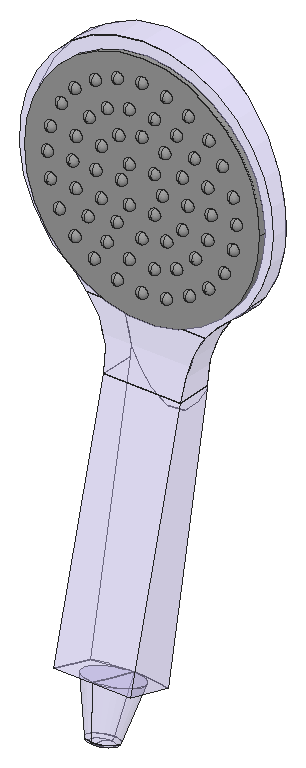
Revit family "AV4090001_Aluvia Teleducha", category Plumbing Fixtures, Revit 2020 (continued)
Definition of nested family "Frontal"
  Lines and regions (mm)
    detail lines, in view "Ref. Level"
      curve 37: circle (5.219, 42.952, 0) r 2.101 normal (0, 0, 1)
      curve 38: circle (0.032, 32.409, 0) r 2.101 normal (0, 0, 1)
      curve 39: circle (9.934, 33.8, 0) r 2.101 normal (0, 0, 1)
      curve 40: circle (18.557, 37.639, 0) r 2.101 normal (0, 0, 1)
      curve 41: circle (26.328, 43.932, 0) r 2.101 normal (0, 0, 1)
      curve 42: circle (0, 87.75, 0) r 2.101 normal (0, 0, 1)
      curve 43: circle (-9.359, 105.073, 0) r 2.101 normal (0, 0, -1)
      curve 44: circle (-18.756, 101.653, 0) r 2.101 normal (0, 0, -1)
      curve 45: circle (-26.417, 95.225, 0) r 2.101 normal (0, 0, -1)
      curve 46: circle (-32.266, 88.254, 0) r 2.101 normal (0, 0, -1)
      curve 47: circle (-4.927, 96.093, 0) r 2.101 normal (0, 0, -1)
      curve 48: circle (-14.324, 92.673, 0) r 2.101 normal (0, 0, -1)
      curve 49: circle (-21.435, 87.694, 0) r 2.101 normal (0, 0, -1)
      curve 50: circle (-9.733, 84.558, 0) r 2.101 normal (0, 0, -1)
      curve 51: circle (-15.687, 78.604, 0) r 2.101 normal (0, 0, -1)
      curve 52: circle (-4.421, 76.618, 0) r 2.101 normal (0, 0, -1)
      curve 53: circle (-26.399, 78.928, 0) r 2.101 normal (0, 0, -1)
      curve 54: circle (-36.399, 78.928, 0) r 2.101 normal (0, 0, -1)
      curve 55: circle (-36.712, 69.553, 0) r 2.101 normal (0, 0, -1)
      curve 56: circle (-27.703, 69.553, 0) r 2.101 normal (0, 0, -1)
      curve 57: circle (-17.703, 69.553, 0) r 2.101 normal (0, 0, -1)
      curve 58: circle (-7.703, 69.553, 0) r 2.101 normal (0, 0, -1)
      curve 59: circle (-4.122, 62.523, 0) r 2.101 normal (0, 0, -1)
      curve 60: circle (-15.677, 60.277, 0) r 2.101 normal (0, 0, -1)
      curve 61: circle (-25.677, 60.277, 0) r 2.101 normal (0, 0, -1)
      curve 62: circle (-35.663, 59.754, 0) r 2.101 normal (0, 0, -1)
      curve 63: circle (-9.563, 53.786, 0) r 2.101 normal (0, 0, -1)
      curve 64: circle (-21.414, 51.696, 0) r 2.101 normal (0, 0, -1)
      curve 65: circle (-32.457, 50.924, 0) r 2.101 normal (0, 0, -1)
      curve 66: circle (-14.039, 45.989, 0) r 2.101 normal (0, 0, -1)
      curve 67: circle (-5.219, 42.952, 0) r 2.101 normal (0, 0, -1)
      curve 68: circle (-9.934, 33.8, 0) r 2.101 normal (0, 0, -1)
      curve 69: circle (-18.557, 37.639, 0) r 2.101 normal (0, 0, -1)
      curve 70: circle (-26.328, 43.932, 0) r 2.101 normal (0, 0, -1)
  Dimensions and locks
    plane 5 to plane 4 = 101 mm
Definition of nested family "Lateral"
  Reference planes
    plane 1 "Center (Front/Back)": y = 0
    plane 2: z = 0
    plane 3 "Center (Left/Right)": x = 0
    plane 4: x = 24
    plane 5: x = -24
    plane 6: y = 121.5
    plane 7: y = -121.5
  Lines and regions (mm)
    Filled region 1, type "Concrete Block", in view "Ref. Level"
      outline origin (0, 0, 0) x (1, 0, 0) y (0, 1, 0)
        loop
          line (-1.005, -111.046) -> (1.499, -111.717)
          arc (1.499, -111.717) -> (12.664, -58.754) -> (20.391, -5.182) r 838.707
          arc (20.391, -5.182) -> (23.68, 39.589) -> (23.595, 84.479) r 596.824
          arc (23.595, 84.479) -> (21.145, 101.244) -> (15.236, 117.122) r 80.377
          line (15.236, 117.122) -> (3.394, 117.122) -> (3.394, 19.162)
          arc (3.394, 19.162) -> (3.408, 2.897) -> (0.588, -13.122) r 93.015
          line (0.588, -13.122) -> (-24, -104.885) -> (-21.62, -105.523) -> (-24, -114.404) -> (-3.385, -119.928) -> (-1.005, -111.046)
    detail lines, in view "Ref. Level"
      curve 1: line (-21.62, -105.523, 0) -> (-1.005, -111.046, 0)
      curve 2: line (-21.757, -106.034, 0) -> (-1.142, -111.558, 0)
      curve 3: line (-1.142, -111.558, 0) -> (-21.95, -106.754, 0)
      curve 4: line (-21.95, -106.754, 0) -> (-1.335, -112.278, 0)
      curve 5: line (-1.335, -112.278, 0) -> (-22.143, -107.474, 0)
      curve 6: line (-22.143, -107.474, 0) -> (-1.528, -112.998, 0)
      curve 7: line (-1.528, -112.998, 0) -> (-22.336, -108.194, 0)
      curve 8: line (-22.336, -108.194, 0) -> (-1.72, -113.718, 0)
      curve 9: line (-1.72, -113.718, 0) -> (-22.529, -108.914, 0)
      curve 10: line (-22.529, -108.914, 0) -> (-1.913, -114.438, 0)
      curve 11: line (-1.913, -114.438, 0) -> (-22.81, -109.963, 0)
      curve 12: line (-22.81, -109.963, 0) -> (-2.195, -115.487, 0)
      curve 13: line (-2.195, -115.487, 0) -> (-23.003, -110.683, 0)
      curve 14: line (-23.003, -110.683, 0) -> (-2.388, -116.207, 0)
      curve 15: line (-2.388, -116.207, 0) -> (-23.196, -111.403, 0)
      curve 16: line (-23.196, -111.403, 0) -> (-2.58, -116.927, 0)
      curve 17: line (-2.58, -116.927, 0) -> (-23.477, -112.453, 0)
      curve 18: line (-23.477, -112.453, 0) -> (-2.862, -117.977, 0)
      curve 19: line (-2.862, -117.977, 0) -> (-23.67, -113.173, 0)
      curve 20: line (-23.67, -113.173, 0) -> (-3.055, -118.697, 0)
      curve 21: line (-3.055, -118.697, 0) -> (-23.863, -113.893, 0)
      curve 22: line (-23.863, -113.893, 0) -> (-3.248, -119.417, 0)
      curve 23: line (-3.248, -119.417, 0) -> (-24, -114.404, 0)
      curve 24: line (-1.005, -111.046, 0) -> (-21.757, -106.034, 0)
      curve 25: line (15.236, 117.122, 0) -> (15.236, 22.122, 0)
      curve 26: arc (11.669, -7.223, 0) -> (2.876, -58.365, 0) -> (-10.042, -108.625, 0) r 638.385
      curve 27: arc (15.236, 22.122, 0) -> (14.341, 7.342, 0) -> (11.669, -7.223, 0) r 122.476
      curve 28: arc (3.394, 112.294, 0) -> (2.115, 111.014, 0) -> (3.394, 109.735, 0) r 1.28
      curve 29: arc (3.394, 108.703, 0) -> (2.115, 107.423, 0) -> (3.394, 106.144, 0) r 1.28
      curve 30: arc (3.394, 105.047, 0) -> (2.115, 103.768, 0) -> (3.394, 102.488, 0) r 1.28
      curve 31: arc (3.394, 101.456, 0) -> (2.115, 100.177, 0) -> (3.394, 98.897, 0) r 1.28
      curve 32: arc (3.394, 97.801, 0) -> (2.115, 96.521, 0) -> (3.394, 95.241, 0) r 1.28
      curve 33: arc (3.394, 94.209, 0) -> (2.115, 92.93, 0) -> (3.394, 91.65, 0) r 1.28
      curve 34: arc (3.394, 90.554, 0) -> (2.115, 89.274, 0) -> (3.394, 87.994, 0) r 1.28
      curve 35: arc (3.394, 86.963, 0) -> (2.115, 85.683, 0) -> (3.394, 84.403, 0) r 1.28
      curve 36: arc (3.394, 83.307, 0) -> (2.115, 82.027, 0) -> (3.394, 80.748, 0) r 1.28
      curve 37: arc (3.394, 79.716, 0) -> (2.115, 78.436, 0) -> (3.394, 77.157, 0) r 1.28
      curve 38: arc (3.394, 76.06, 0) -> (2.115, 74.781, 0) -> (3.394, 73.501, 0) r 1.28
      curve 39: arc (3.394, 72.469, 0) -> (2.115, 71.189, 0) -> (3.394, 69.91, 0) r 1.28
      curve 40: arc (3.394, 68.813, 0) -> (2.115, 67.534, 0) -> (3.394, 66.254, 0) r 1.28
      curve 41: arc (3.394, 65.222, 0) -> (2.115, 63.943, 0) -> (3.394, 62.663, 0) r 1.28
      curve 42: arc (3.394, 61.567, 0) -> (2.115, 60.287, 0) -> (3.394, 59.007, 0) r 1.28
      curve 43: arc (3.394, 57.976, 0) -> (2.115, 56.696, 0) -> (3.394, 55.416, 0) r 1.28
      curve 44: arc (3.394, 54.32, 0) -> (2.115, 53.04, 0) -> (3.394, 51.76, 0) r 1.28
      curve 45: arc (3.394, 50.729, 0) -> (2.115, 49.449, 0) -> (3.394, 48.169, 0) r 1.28
      curve 46: arc (3.394, 47.073, 0) -> (2.115, 45.793, 0) -> (3.394, 44.514, 0) r 1.28
      curve 47: arc (3.394, 43.482, 0) -> (2.115, 42.202, 0) -> (3.394, 40.923, 0) r 1.28
      curve 48: arc (3.394, 39.826, 0) -> (2.115, 38.547, 0) -> (3.394, 37.267, 0) r 1.28
      curve 49: arc (3.394, 36.235, 0) -> (2.115, 34.955, 0) -> (3.394, 33.676, 0) r 1.28
      curve 50: arc (3.394, 32.579, 0) -> (2.115, 31.3, 0) -> (3.394, 30.02, 0) r 1.28
